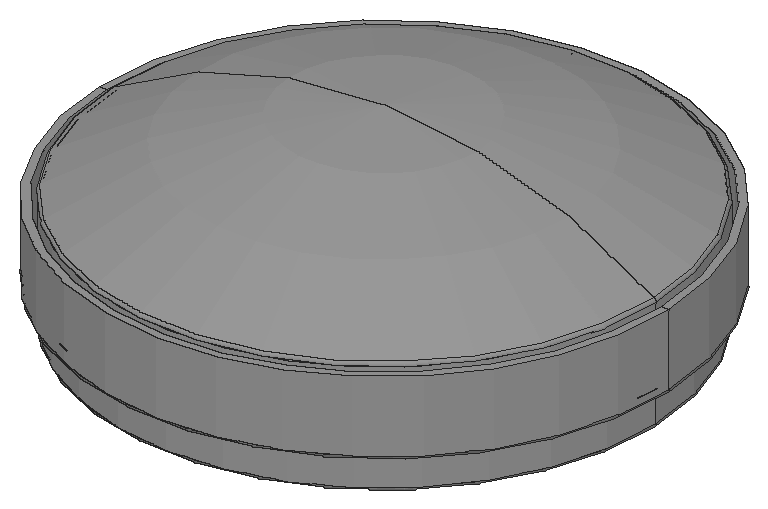
Revit family "3034789 Sylvania Lighting Fixture GIOTTO305 LED G2 3000K SURFACE 1-10V EMERGENCY", category Lighting Fixtures, host Face, Revit 2016
Family settings
  Host = Face
  Part Type = Normal
  Round Connector Dimension = Use Diameter
  OmniClass Number = 23.80.70.00
  OmniClass Title = Lighting
  Cut with Voids When Loaded = No
  Light Source = Yes
  Shared = No
  Room Calculation Point = No
Parameters (values of type "3034789 GIOTTO305 LED G2 3000K SURFACE 1-10V EMERGENCY Emergency mode")
  Weight = "1.41 kg"
  Wattage Comments = ""
  Wattage = 20 W
  WarrantyStartDate [instance] = "n/a"
  WarrantyGuarantorParts = "n/a"
  WarrantyDurationUnit = "n/a"
  WarrantyDurationParts = "n/a"
  WarrantyDescription = "n/a"
  built-in parameter 1150110 = 1 (stored number, unit not read)
  Voltage = 0 V
  URL = "http://www.sylvania-lighting.com"
  TypeName = "GIOTTO305 LED G2 3000K SURFACE 1-10V EMERGENCY Emergency mode"
  Type Image = <None>
  Type Comments = "n/a"
  built-in parameter 1114217 = 1 (stored number, unit not read)
  Tilt Angle = -90.00°
  built-in parameter 1150109 = 1 (stored number, unit not read)
  built-in parameter 1150134 = (empty or 0)
  built-in parameter 1150113 = 1 (stored number, unit not read)
  SerialNumber [instance] = "n/a"
  Photometric Web File = ""
  built-in parameter 1150142 = (empty or 0)
  Material_3_SYL = LED-Sylvania
  PowerFactor = 0
  PowerConsumption = "20 W"
  NominalLength = 305 mm
  NominalHeight = 104 mm
  NominalDepth = 305 mm
  Name = "GIOTTO305 LED G2 3000K SURFACE 1-10V EMERGENCY Emergency mode"
  ModelReference = Name  # "GIOTTO305 LED G2 3000K SURFACE 1-10V EMERGENCY Emergency mode"
  ModelNumber = "3034789"
  Model = Name  # "GIOTTO305 LED G2 3000K SURFACE 1-10V EMERGENCY Emergency mode"
  Material = "polycarbonate housing, polycarbonate diffuser"
  ManufacturerName = "Feilo Sylvania"
  Manufacturer = "Feilo Sylvania"
  LuminousEfficacy = ""
  built-in parameter 1150105 = (empty or 0)
  Lumens = 0 lm
  LuminaireType = ""
  built-in parameter 1150115 = 1 (stored number, unit not read)
  LightOutputRatio = "n/a"
  built-in parameter 1150137 = (empty or 0)
  built-in parameter 1150139 = (empty or 0)
  LampsType = Lamp  # "LED"
  LampNominalLuminous = ""
  LampMacAdamStep = "n/a"
  LampColourTemperature = "3000 K"
  LampColourRenderingIndex = "80"
  built-in parameter 1150112 = 1 (stored number, unit not read)
  built-in parameter 1150114 = 1 (stored number, unit not read)
  Lamp = "LED"
  Keynote = "16500"
  InstallationDate [instance] = "n/a"
  InputVoltage = "n/a"
  InputNominalFrequency = "n/a"
  built-in parameter 1150132 = (empty or 0)
  built-in parameter 1150102 = (empty or 0)
  built-in parameter 1150107 = 3000 (stored number, unit not read)
  built-in parameter 1150138 = (empty or 0)
  IngressProtection = "IP44"
  ImpactProtectionIndex = "IK10"
  built-in parameter 1150106 = 6.8538 (stored number, unit not read)
  IfcExportType = "IfcLightFixtureType"
  IfcExportAs = "IfcLightFixtureType"
  Height_SYL = 104 mm
  ExpectedLife = 50000
  Emit from Circle Diameter = 317 mm
  Emit Shape Visible in Rendering = no
  ElectricShockClassification = "Class I"
  built-in parameter 1150104 = (empty or 0)
  DurationUnit = "hours"
  DocumentationLiterature = "http://www.sylvania-lighting.com/product/en-int/products/3034789"
  DimmingControlOptions = "n/a"
  Material_2_SYL = Polycarbonate_Sylvania_Giotto_Opal
  Dimming Lamp Color Temperature Shift = <None>
  DiffuserRadius_SYL = 282.611 mm
  Diameter_SYL = 305 mm
  Description = "Ambient and decorative round, surface mounted LED bulkhead luminaire. White robust polycarbonate body with opal diffuser, 1490 lm, 20W, 75lm/W, 3000K, CRI 80, 1-10V dimmable, integral 3 hour maintained emergency, 50,000 hours lumen maintenance. Drive current: 700mA, IP44, IK10, Class I, 220-240V, Energy class: A++, A+, A."
  Default Elevation = 1219.2 mm
  CreatedOn = "11/7/2018"
  CreatedBy = "@sylvania-lighting.com"
  Cost = 0
  Color Filter = 16777215
  built-in parameter 1114216 [instance] = (empty or 0)
  ClassificationValue = "EF_70_80"
  ClassificationName = "Uniclass2015"
  Material_1_SYL = Polycarbonate_Sylvania_Giotto_White
  BarCode [instance] = "n/a"
  built-in parameter 1114218 = 1 (stored number, unit not read)
  built-in parameter 1150133 = 10 (stored number, unit not read)
  AssetType = "Fixed"
  AssetIdentifier [instance] = "n/a"
  Assembly Code = "D5020200"
  Apparent Load = 20 VA
  Material_4_SYL = none
Types (2, lengths in mm): name | TypeName | Photometric Web File | built-in parameter 1150142 | Name | ModelReference | Model | LuminousEfficacy | built-in parameter 1150105 | Lumens | LampNominalLuminous | built-in parameter 1150106 | built-in parameter 1150104
  3034789 GIOTTO305 LED G2 3000K SURFACE 1-10V EMERGENCY Emergency mode | "GIOTTO305 LED G2 3000K SURFACE 1-10V EMERGENCY Emergency mode" | "" | (empty or 0) | "GIOTTO305 LED G2 3000K SURFACE 1-10V EMERGENCY Emergency mode" | "GIOTTO305 LED G2 3000K SURFACE 1-10V EMERGENCY Emergency mode" | "GIOTTO305 LED G2 3000K SURFACE 1-10V EMERGENCY Emergency mode" | "" | (empty or 0) | 0 lm | "" | 6.8538 (stored number, unit not read) | (empty or 0)
  3034789 GIOTTO305 LED G2 3000K SURFACE 1-10V EMERGENCY | "GIOTTO305 LED G2 3000K SURFACE 1-10V EMERGENCY" | "3034789.ies" | "IESNA:LM-63-2002\r\n[TEST] \r\n[TESTLAB]\r\n[MANUFAC] \r\n[LUMCAT]\r\n[LUMINAIRE] \"GIOTTO305 SUR LED WW DB E3 G2 \" /3000 \r\n[LAMP] LED/3000\r\n[BALLAST] \r\n[ISSUEDATE]\r\n[OTHER] B-Angle = 0.00 B-Tilt = 0.00 2018-01-23\r\nTILT=NONE\r\n1 1490.00 1 37 1 1 2 -0.305 -0.305 0.000\r\n1.0 1.0 20.00\r\n   0.00   5.00  10.00  15.00  20.00  25.00  30.00  35.00  40.00  45.00\r\n  50.00  55.00  60.00  65.00  70.00  75.00  80.00  85.00  90.00  95.00\r\n 100.00 105.00 110.00 115.00 120.00 125.00 130.00 135.00 140.00 145.00\r\n 150.00 155.00 160.00 165.00 170.00 175.00 180.00\r\n   0.00\r\n     450.98     449.61     444.90     436.23     423.17     406.76     386.85\r\n     363.84     337.78     309.55     278.93     246.74     214.05     181.24\r\n     149.85     120.38      93.74      70.42      50.42      34.12      21.46\r\n      12.35       6.33       3.28       2.13       1.74       1.58       1.45\r\n       1.40       1.67       2.91       4.99       6.99       8.20       8.78\r\n       9.52      10.09\r\n" | "GIOTTO305 LED G2 3000K SURFACE 1-10V EMERGENCY" | "GIOTTO305 LED G2 3000K SURFACE 1-10V EMERGENCY" | "GIOTTO305 LED G2 3000K SURFACE 1-10V EMERGENCY" | "75 lm/W" | 119.37 (stored number, unit not read) | 1500 lm | "1490 lm" | 1.1937 (stored number, unit not read) | 6.9677 (stored number, unit not read)
Reference planes
  plane 1 "Center (Front/Back)": y = 0
  plane 2: z = 0
  plane 3 "Center (Left/Right)": x = 0
  plane 4: x = 152.5
  plane 5: x = -152.5
  plane 6: x = -145.5
  plane 7: x = -148.5
  plane 8: z = 104
  plane 9: z = 59
  plane 10: z = 19
  plane 11: z = 24
  plane 12: x = -150.9
  plane 13: z = 20.6
  plane 14: z = 1.6
  plane 15: x = -143.9
  plane 16: z = 18
  plane 17: x = -146.5
  plane 18: z = 25
  plane 19: z = 61
Forms (mm)
  Revolve 1, solid, material "Polycarbonate_Sylvania_Giotto_White" <- "Material_1_SYL"
    sketch origin (0, 0, 0) x (1, 0, 0) y (0, 0, 1)
      loop
        line (0, 0) -> (0, 25) -> (-143.9, 25) -> (-143.9, 24) -> (-148.5, 24) -> (-148.5, 59) -> (-152.5, 59) -> (-152.5, 20.6)
        arc (-152.5, 20.6) -> (-152.031, 19.469) -> (-150.9, 19) r 1.6
        line (-150.9, 19) -> (-146.5, 19)
        arc (-146.5, 19) -> (-145.793, 18.707) -> (-145.5, 18) r 1
        line (-145.5, 18) -> (-145.5, 1.6)
        arc (-145.5, 1.6) -> (-145.031, 0.469) -> (-143.9, 0) r 1.6
        line (-143.9, 0) -> (0, 0)
      axis (0, 59) -> (0, 0)
    angle from 360 to 0
  Revolve 2, solid, material "Polycarbonate_Sylvania_Giotto_Opal" <- "Material_2_SYL"
    sketch origin (0, 0, 0) x (1, 0, 0) y (0, 0, 1)
      loop
        line (-145.5, 24) -> (-143.9, 24) -> (-143.9, 59.636)
        arc (-143.9, 59.636) -> (-143.79, 60.068) -> (-143.485, 60.394) r 0.9
        arc (-143.485, 60.394) -> (-74.754, 91.683) -> (0, 102.4) r 266.066
        line (0, 102.4) -> (0, 104)
        arc (0, 104) -> (-75.203, 93.218) -> (-144.348, 61.742) r 267.666
        arc (-144.348, 61.742) -> (-145.193, 60.836) -> (-145.5, 59.636) r 2.5
        line (-145.5, 59.636) -> (-145.5, 24)
      axis (0, 104) -> (0, 24)
    angle from 360 to 0
Dimensions and locks
  equal spacing: plane 4, plane 3 "Center (Left/Right)", plane 5
  "Diameter_SYL": plane 4 to plane 5
  locked: plane 6 to plane 5 at 7
  locked: plane 7 to plane 5 at 4
  "Height_SYL": plane 8 to plane 2
  locked: plane 8 to plane 9 at 45
  locked: plane 9 to plane 10 at 40
  Revolve 1 sketch curve to Revolve 1 sketch curve = 4.4 mm
  locked: plane 11 to plane 10 at 5
  locked: plane 12 to plane 5 at 1.6
  locked: plane 13 to plane 10 at 1.6
  locked: plane 14 to plane 2 at 1.6
  locked: plane 15 to plane 6 at 1.6
  locked: plane 6 to plane 17 at 1
  locked: plane 10 to plane 16 at 1
  locked: plane 18 to plane 11 at 1
  locked: plane 19 to plane 9 at 2
  aligned and locked: plane 2 to host face
  aligned and locked: level to host face
  aligned and locked: Revolve 1 sketch curve to plane 3 "Center (Left/Right)"
  aligned and locked: level to Revolve 1 sketch curve
  aligned and locked: Revolve 1 sketch curve to plane 10
  aligned and locked: plane 9 to Revolve 1 sketch curve
  aligned and locked: Revolve 1 sketch curve to plane 7
  aligned and locked: plane 12 to Revolve 1 sketch curve  (x2)
  aligned and locked: plane 13 to Revolve 1 sketch curve  (x2)
  aligned and locked: plane 15 to Revolve 1 sketch curve  (x3)
  aligned and locked: plane 14 to Revolve 1 sketch curve  (x2)
  aligned and locked: plane 3 "Center (Left/Right)" to imposter light
  aligned and locked: imposter light to plane 1 "Center (Front/Back)"
  aligned and locked: plane 18 to Revolve 1 sketch curve
  aligned and locked: plane 11 to Revolve 1 sketch curve
  aligned and locked: imposter light to plane 8
  aligned and locked: plane 6 to Revolve 1 sketch curve
  aligned and locked: plane 17 to Revolve 1 sketch curve
  aligned and locked: plane 16 to Revolve 1 sketch curve
  aligned and locked: Revolve 2 sketch curve to plane 3 "Center (Left/Right)"
  aligned and locked: plane 6 to Revolve 2 sketch curve
  aligned and locked: plane 3 "Center (Left/Right)" to Revolve 2 sketch curve
  aligned and locked: plane 11 to Revolve 2 sketch curve
  aligned and locked: Revolve 2 sketch curve to imposter light
Automatic sketch dimensions
  host sketch curve to host sketch curve = 2438.4 mm  (x2)
  Revolve 1 sketch curve to plane 3 "Center (Left/Right)" = 0 mm
  Revolve 1 sketch curve to level = 609.6 mm
  Revolve 1 sketch curve to plane 8 = 2499.058 mm
  Revolve 2 sketch curve to Revolve 2 sketch curve = 0 mm  (x4)
  Revolve 2 sketch curve to plane 15 = 0 mm
  Revolve 2 sketch curve to plane 8 = 0 mm
  plane 15 to Revolve 2 sketch curve = 0.9 mm
  Revolve 2 sketch curve to level = 163.666 mm
  Revolve 2 sketch curve to plane 9 = 0.636 mm
  Revolve 2 sketch curve to Revolve 2 sketch curve = 445.934 mm
  Revolve 2 sketch curve to plane 8 = 2505.058 mm
Connectors
  electrical at (0, 0, 0), driven by "Apparent Load", driven by "PowerFactor", driven by "Voltage"
    settings: index 1, voltage 0 V, apparent load 20 VA, apparent load phase1 0 VA, apparent load phase2 0 VA, apparent load phase3 0 VA, power factor 0, load classification "Lighting", number of poles 1, system type 30, power factor state 1, is connector primary yes, connector utility no, sub classification motor no, connector description ""
